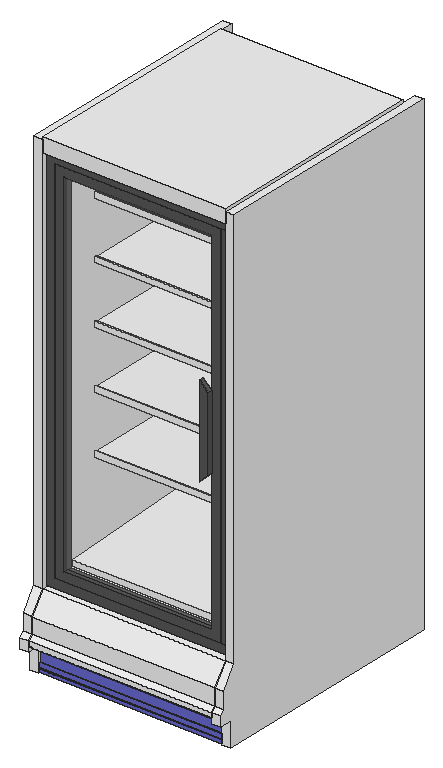
Revit family
Parameters
  Width = 31 1/2"
  Voltage - Electric Defrost [instance] = 208 V
  Voltage [instance] = 120 V
  URL = "www.hussmann.com"
  Type Comments = "LT Reach-In Merchandiser"
  Temp Sensor [instance] = "Low Voltage"
  Telephone = no
  System Control [instance] = "1.00 A"
  Standard Right End Cap On/Off [instance] = yes
  Standard Left End Cap On/Off [instance] = yes
  Revit Family Dates = "5/18/12PMA (0212)"
  Refrigerant Suction Connection Diameter [instance] = 7/8"
  Refrigerant Liquid Connection Diameter [instance] = 3/8"
  Refrig. Suction [instance] = "Suction"
  Refrig. Liquid [instance] = "Liquid"
  R.I. RH Doors YES/NO [instance] = no
  R.I. LH Doors YES/NO [instance] = yes
  R.I. - RH Door Swing YES/NO [instance] = no
  R.I. - LH Door Swing YES/NO [instance] = yes
  Phase [instance] = 1
  Number of Shelves = 0
  Model = "RL-1"
  Mirrored Right End Cap On/Off [instance] = no
  Mirrored Left End Cap On/Off [instance] = no
  Manufacturer = "Hussmann Corporation"
  MCA (Min Circ Amp) [instance] = 3 A
  Linear Shelf Length = 0"
  Height = 82 3/8"
  Front Height = 0"
  Frequency [instance] = 60 Hz
  Finish_Trim [instance] = Stainless Steel 2
  Finish_Top [instance] = none
  Finish_Shelf [instance] = Stainless Steel
  Finish_Mirror [instance] = none
  Finish_Handle = Metal Black-door
  Finish_Glass [instance] = Glass 2
  Finish_Frame [instance] = Metal Black-door
  Finish_Door [instance] = Metal Black-door
  Finish_Case [instance] = Stainless Steel
  Finish_Bumper [instance] = Metal Blue-trim
  Finish_Bracket [instance] = none
  Finish_Base [instance] = Stainless Steel
  Elect. Defrost Amps [instance] = "2.88 A"
  Elect. Def. Amps [instance] = 2.88 A
  EMS = no
  Drain Pipe Size = "1 1/4\""
  Drain Heaters [instance] = 1.67 A
  Description = "LT Reach-in Innov., Innov. II, Innov. III Merchandiser"
  Depth = 43 3/4"
  Data = "N/A"
  Copper-Suction [instance] = Copper
  Copper-Liquid [instance] = Copper
  Category = "N/A"
  Case Lights Amps [instance] = "0.18 A"
  Case Lights [instance] = 0.18 A
  Case Fans (MCA) [instance] = "3.00 A"
  Assembly Code = ""
  Accessories/Options = "N/A"
Reference planes (in)
  plane 1 "Center (Front/Back)": y = 0
  plane 2: z = 0
  plane 3 "Center (Left/Right)": x = -2.11949
  plane 4: y = -41.625
  plane 5: z = 13
  plane 6: z = 80
  plane 7: z = 82.375
  plane 8: y = -32
  plane 9: y = -43.75
  plane 10: y = -40.75
  plane 11: x = -31.61949
  plane 12: x = 13.63051
  plane 13: x = -14.86949
  plane 14: x = 10.63051
  plane 15: y = -40
  plane 16: y = -39.25
  plane 17 "Dla": x = -2.86949
  plane 18: x = -1.36949
  plane 19: x = -17.86949
  plane 20: x = 13.63051
  plane 21: x = 12.13051
  plane 22: x = -16.36949
  plane 23: x = -5.86949
  plane 24: y = -33.625
Forms (in)
  Extrusion 1, solid, material "Stainless Steel" <- "Finish_Case"
    sketch origin (-31.61949, 0, 0) x (0, 1, 0) y (0, 0, 1)
      loop
        line (-5, 4.26162) -> (-2.5, 6.76162) -> (-2.5, 82.375) -> (-40.75, 82.375) -> (-40.75, 80) -> (-5.5, 80) -> (-5.5, 7.93702) -> (-32.09633, 7.00826) -> (-33.05546, 6.04913) -> (-36.55546, 6.04913) -> (-38.5, 7.99367) -> (-40.75, 7.99367) -> (-40.75, 5.99367) -> (-37.75, 4.26162) -> (-5, 4.26162)
    from 13.75 to 45.25
  Extrusion 2, solid, material "Stainless Steel" <- "Finish_Case"
    sketch origin (-31.61949, 0, 0) x (0, 1, 0) y (0, 0, 1)
      loop
        line (-37.25, 13) -> (-40.75, 12.69379) -> (-43.04431, 9.41718) -> (-43.04431, 6.66718) -> (-43.75, 5.96149) -> (-43.75, 5.08872) -> (-42.58027, 4.2259) -> (-40.75, 5.99367) -> (-40.75, 7.99367) -> (-37.25, 7.99367) -> (-37.25, 13)
    from 13.75 to 45.25
  Extrusion 3, solid, material "Stainless Steel" <- "Finish_Case"
    sketch origin (-31.61949, 0, 0) x (0, 1, 0) y (0, 0, 1)
      loop
        line (-2.5, 4.26162) -> (0, 4.26162) -> (0, 49.76162) -> (-2.5, 49.76162) -> (-2.5, 4.26162)
    from 13.75 to 45.25
  Extrusion 4, solid, material "Stainless Steel" <- "Finish_Case"
    sketch origin (-31.61949, 0, 0) x (0, 1, 0) y (0, 0, 1)
      loop
        line (-5.5, 80) -> (-33, 80) -> (-33, 78.93638) -> (-7.75, 78.49564) -> (-7.75, 7.85845) -> (-5.5, 7.93702) -> (-5.5, 80)
    from 13.75 to 45.25
  Extrusion 5, solid
    sketch origin (-31.61949, 0, 0) x (0, 1, 0) y (0, 0, 1)
      loop
        line (-33, 78.93638) -> (-33, 77.93638) -> (-30, 77.93638) -> (-30, 78.88401) -> (-33, 78.93638)
    from 13.75 to 45.25
  Extrusion 6, solid, material "Stainless Steel" <- "Finish_Base"
    sketch origin (-31.61949, 0, 0) x (0, 1, 0) y (0, 0, 1)
      loop
        line (-36.55546, 6.04913) -> (-33.05546, 6.04913) -> (-32.09633, 7.00826) -> (-7.75, 7.85845) -> (-7.75, 13.65118) -> (-30.30697, 13.65118) -> (-30.30697, 10.65118)
        arc (-30.30697, 10.65118) -> (-30.59986, 9.94407) -> (-31.30697, 9.65118) r 1
        line (-31.30697, 9.65118) -> (-32.55697, 9.65118)
        arc (-32.55697, 9.65118) -> (-33.26408, 9.94407) -> (-33.55697, 10.65118) r 1
        line (-33.55697, 10.65118) -> (-33.55697, 13.52897) -> (-37.25, 13) -> (-37.25, 7.99367) -> (-38.5, 7.99367) -> (-36.55546, 6.04913)
    from 13.75 to 45.25
  Extrusion 7, solid, material "Stainless Steel" <- "Finish_Shelf"
    sketch origin (-31.61949, 0, 0) x (0, 1, 0) y (0, 0, 1)
      loop
        line (-7.75, 64.26162) -> (-7.75, 68.01162) -> (-8.5, 68.01162) -> (-8.5, 69.01162) -> (-29.5, 69.01162) -> (-29.5, 69.26162) -> (-29.75, 69.26162) -> (-29.75, 68.26162) -> (-29.5, 68.26162) -> (-29.5, 68.76162) -> (-26, 68.76162) -> (-26, 68.51162) -> (-13.81963, 68.51162) -> (-7.75, 64.26162)
      loop
        line (-7.75, 54.26162) -> (-7.75, 58.01162) -> (-8.5, 58.01162) -> (-8.5, 59.01162) -> (-29.5, 59.01162) -> (-29.5, 59.26162) -> (-29.75, 59.26162) -> (-29.75, 58.26162) -> (-29.5, 58.26162) -> (-29.5, 58.76162) -> (-26, 58.76162) -> (-26, 58.51162) -> (-13.81963, 58.51162) -> (-7.75, 54.26162)
      loop
        line (-7.75, 44.26162) -> (-7.75, 48.01162) -> (-8.5, 48.01162) -> (-8.5, 49.01162) -> (-29.5, 49.01162) -> (-29.5, 49.26162) -> (-29.75, 49.26162) -> (-29.75, 48.26162) -> (-29.5, 48.26162) -> (-29.5, 48.76162) -> (-26, 48.76162) -> (-26, 48.51162) -> (-13.81963, 48.51162) -> (-7.75, 44.26162)
      loop
        line (-7.75, 34.26162) -> (-7.75, 38.01162) -> (-8.5, 38.01162) -> (-8.5, 39.01162) -> (-29.5, 39.01162) -> (-29.5, 39.26162) -> (-29.75, 39.26162) -> (-29.75, 38.26162) -> (-29.5, 38.26162) -> (-29.5, 38.76162) -> (-26, 38.76162) -> (-26, 38.51162) -> (-13.81963, 38.51162) -> (-7.75, 34.26162)
      loop
        line (-7.75, 24.26162) -> (-7.75, 28.01162) -> (-8.5, 28.01162) -> (-8.5, 29.01162) -> (-29.5, 29.01162) -> (-29.5, 29.26162) -> (-29.75, 29.26162) -> (-29.75, 28.26162) -> (-29.5, 28.26162) -> (-29.5, 28.76162) -> (-26, 28.76162) -> (-26, 28.51162) -> (-13.81963, 28.51162) -> (-7.75, 24.26162)
      loop
        line (-34.54319, 13.47728) -> (-7.75, 14.88146) -> (-7.75, 15.88283) -> (-34.54319, 14.47866) -> (-34.54319, 13.47728)
    from 13.75 to 45.25
  Extrusion 8, solid, material "Stainless Steel"
    sketch origin (-16.36949, 0, 0) x (0, 1, 0) y (0, 0, 1)
      loop
        line (0, 4.26162) -> (-38.66016, 4.26162) -> (-38.66016, 0) -> (0, 0) -> (0, 4.26162)
    from 0 to -1.5
  Extrusion 9, solid, material "Metal Blue-trim"
    sketch origin (-34.61949, 0, 0) x (0, 1, 0) y (0, 0, 1)
      loop
        line (-38.66016, 4.7871) -> (-39.66016, 5.36445) -> (-39.66016, 4.26162) -> (-41.375, 4.55297) -> (-41.375, 1.75) -> (-41.625, 1.75) -> (-41.625, 1) -> (-41.375, 1) -> (-41.375, 0.75) -> (-41.625, 0.75) -> (-41.625, 0.19004) -> (-39.66016, 0.52548) -> (-39.66016, 0) -> (-38.66016, 0) -> (-38.66016, 4.7871)
    from 16.75 to 48.25
  Extrusion 10, solid, material "Stainless Steel"
    sketch origin (-34.61949, 0, 0) x (0, 1, 0) y (0, 0, 1)
      loop
        line (-32, 1.76162) -> (0, 1.76162) -> (0, 4.26162) -> (-32, 4.26162) -> (-32, 1.76162)
    from 18.25 to 46.75
  Extrusion 11, solid, material "Stainless Steel"
    sketch origin (-30.11949, 0, 0) x (0, 1, 0) y (0, 0, 1)
      loop
        line (-0.5532, 1.76162) -> (-2.8032, 1.76162) -> (-2.8032, 0) -> (-0.5532, 0) -> (-0.5532, 1.76162)
      loop
        line (-31.4468, 1.76162) -> (-31.4468, 0) -> (-29.1968, 0) -> (-29.1968, 1.76162) -> (-31.4468, 1.76162)
    from 13.75 to 43.75
  Extrusion 12, solid, material "Stainless Steel"
    sketch origin (12.13051, 0, 0) x (0, 1, 0) y (0, 0, 1)
      loop
        line (0, 4.26162) -> (-38.66016, 4.26162) -> (-38.66016, 0) -> (0, 0) -> (0, 4.26162)
    from 0 to 1.5
  Extrusion 13, solid, material "Stainless Steel"
    sketch origin (-16.75, 0, -0.375) x (1, 0, 0) y (0, 1, 0)
      loop
        circle (25.38051, -37) r 0.375
      loop
        circle (25.38051, -37) r 0.36276
      loop
        circle (24.38051, -37) r 0.375
      loop
        circle (24.38051, -37) r 0.36276
      loop
        circle (23.38051, -37) r 0.375
      loop
        circle (23.38051, -37) r 0.36276
      loop
        circle (22.38051, -37) r 0.375
      loop
        circle (22.38051, -37) r 0.36276
      loop
        circle (21.38051, -37) r 0.375
      loop
        circle (21.38051, -37) r 0.36276
    from 4.63662 to 2.98382
  Extrusion 14, solid, material "Stainless Steel"
    sketch origin (0, 0, -0.375) x (1, 0, 0) y (0, 1, 0)
      loop
        circle (-2.86949, -34.625) r 0.625
      loop
        circle (-2.86949, -34.625) r 0.58831
    from 6.42413 to 2.98382
  Extrusion 15, solid, material "Copper" <- "Copper-Suction"
    sketch origin (0, 0, 0) x (1, 0, 0) y (0, 1, 0)
      loop
        circle (8.62802, -33) r 0.4375
      loop
        circle (8.62802, -33) r 0.41359
    from 4.26162 to 3.64579
  Extrusion 16, solid, material "Copper" <- "Copper-Liquid"
    sketch origin (0, 0, 0) x (1, 0, 0) y (0, 1, 0)
      loop
        circle (7.05443, -33) r 0.1875
      loop
        circle (7.05443, -33) r 0.17284
    from 4.26162 to 3.64579
Lines and regions (in)
  symbolic lines
    curve 1: line (-17.86949, -43.75, 0) -> (-17.86949, 0, 0)
    curve 2: line (13.63051, 0, 0) -> (-17.86949, 0, 0)
    curve 3: line (13.63051, 0, 0) -> (13.63051, -43.75, 0)
    curve 4: line (-17.86949, -43.75, 0) -> (13.63051, -43.75, 0)
Dimensions and locks (in)
  plane 1 "Center (Front/Back)" to plane 4 = 41 5/8"
  "Depth": plane 1 "Center (Front/Back)" to plane 9
  level to plane 5 to plane 6 to plane 7 = 13", 67", 2 3/8"
  plane 4 to plane 1 "Center (Front/Back)" = 41 5/8"
  plane 19 to plane 13 = 3"
  locked: plane 14 to plane 12 at 3
  "Height": level to plane 7
  plane 19 to plane 12 = 31 1/2"
  aligned and locked: plane 12 to Extrusion 1
  aligned and locked: Extrusion 2 to Extrusion 1
Automatic sketch dimensions
  Extrusion 1 sketch curve to plane 10 = 0"  (x2)
  Extrusion 1 sketch curve to plane 6 = 0"
  Extrusion 1 sketch curve to plane 7 = 0"
  Extrusion 1 sketch curve to plane 16 = 3/4"
  Extrusion 1 sketch curve to plane 16 = 1 1/2"
  Extrusion 1 sketch curve to Extrusion 1 sketch curve = 1.19454"
  plane 8 to Extrusion 1 sketch curve = 1.05546"
  plane 8 to Extrusion 1 sketch curve = 0.09633"
  plane 1 "Center (Front/Back)" to Extrusion 1 sketch curve = 5 1/2"
  Extrusion 1 sketch curve to Extrusion 1 sketch curve = 1/2"
  plane 1 "Center (Front/Back)" to Extrusion 1 sketch curve = 2 1/2"
  plane 5 to Extrusion 1 sketch curve = 5.00633"
  plane 5 to Extrusion 1 sketch curve = 5.06298"
  plane 5 to Extrusion 1 sketch curve = 5.99174"
  Extrusion 1 sketch curve to Extrusion 1 sketch curve = 1.1754"
  Extrusion 1 sketch curve to Extrusion 1 sketch curve = 1.94454"
  Extrusion 1 sketch curve to Extrusion 1 sketch curve = 2"
  Extrusion 1 sketch curve to Extrusion 1 sketch curve = 2 1/2"
  Extrusion 2 sketch curve to plane 9 = 0"
  Extrusion 2 sketch curve to plane 10 = 0"  (x2)
  Extrusion 2 sketch curve to plane 5 = 0"
  Extrusion 2 sketch curve to plane 9 = 0.70569"
  plane 4 to Extrusion 2 sketch curve = 0.95527"
  Extrusion 2 sketch curve to plane 16 = 2"
  plane 5 to Extrusion 2 sketch curve = 0.30621"
  plane 5 to Extrusion 2 sketch curve = 3.58282"
  Extrusion 2 sketch curve to Extrusion 2 sketch curve = 1.42351"
  Extrusion 2 sketch curve to Extrusion 2 sketch curve = 1.32649"
  Extrusion 2 sketch curve to Extrusion 2 sketch curve = 2"
  Extrusion 2 sketch curve to Extrusion 2 sketch curve = 0.70569"
  Extrusion 2 sketch curve to Extrusion 2 sketch curve = 0.87277"
  Extrusion 2 sketch curve to Extrusion 2 sketch curve = 0.86282"
  Extrusion 3 sketch curve to plane 1 "Center (Front/Back)" = 0"
  Extrusion 3 sketch curve to Extrusion 3 sketch curve = 2 1/2"
  level to Extrusion 3 sketch curve = 4.26162"
  plane 6 to Extrusion 3 sketch curve = 30.23838"
  Extrusion 4 sketch curve to plane 6 = 0"
  plane 8 to Extrusion 4 sketch curve = 1"
  plane 1 "Center (Front/Back)" to Extrusion 4 sketch curve = 7 3/4"
  Extrusion 4 sketch curve to Extrusion 4 sketch curve = 2 1/4"
  Extrusion 4 sketch curve to Extrusion 4 sketch curve = 1.06362"
  plane 6 to Extrusion 4 sketch curve = 1.50436"
  plane 5 to Extrusion 4 sketch curve = 5.06298"
  Extrusion 4 sketch curve to Extrusion 4 sketch curve = 0.07857"
  plane 8 to Extrusion 5 sketch curve = 1"
  Extrusion 5 sketch curve to plane 8 = 2"
  plane 6 to Extrusion 5 sketch curve = 2.06362"
  Extrusion 5 sketch curve to Extrusion 5 sketch curve = 0.94763"
  Extrusion 5 sketch curve to Extrusion 5 sketch curve = 1"
  Extrusion 6 sketch curve to plane 5 = 0"
  Extrusion 6 sketch curve to plane 16 = 3/4"
  Extrusion 6 sketch curve to plane 16 = 2"
  Extrusion 6 sketch curve to Extrusion 6 sketch curve = 0.69454"
  plane 8 to Extrusion 6 sketch curve = 1.55697"
  plane 8 to Extrusion 6 sketch curve = 1.05546"
  plane 8 to Extrusion 6 sketch curve = 0.55697"
  plane 8 to Extrusion 6 sketch curve = 0.09633"
  Extrusion 6 sketch curve to plane 8 = 0.69303"
  Extrusion 6 sketch curve to Extrusion 6 sketch curve = 1"
  Extrusion 6 sketch curve to plane 5 = 0.65118"
  plane 1 "Center (Front/Back)" to Extrusion 6 sketch curve = 7 3/4"
  plane 5 to Extrusion 6 sketch curve = 2.34882"
  plane 5 to Extrusion 6 sketch curve = 5.00633"
  plane 5 to Extrusion 6 sketch curve = 5.14155"
  Extrusion 6 sketch curve to Extrusion 6 sketch curve = 2.64293"
  Extrusion 6 sketch curve to Extrusion 6 sketch curve = 1.94454"
  Extrusion 6 sketch curve to plane 5 = 0.52897"
  Extrusion 7 sketch curve to plane 5 = 0.47728"
  plane 8 to Extrusion 7 sketch curve = 2.54319"
  Extrusion 7 sketch curve to plane 8 = 2 1/4"  (x5)
  Extrusion 7 sketch curve to Extrusion 7 sketch curve = 1/4"  (x17)
  Extrusion 7 sketch curve to Extrusion 7 sketch curve = 0"  (x6)
  Extrusion 7 sketch curve to Extrusion 7 sketch curve = 3 1/2"  (x5)
  Extrusion 7 sketch curve to Extrusion 7 sketch curve = 12.18037"
  Extrusion 7 sketch curve to Extrusion 7 sketch curve = 5.31963"  (x5)
  Extrusion 7 sketch curve to Extrusion 7 sketch curve = 3/4"  (x5)
  Extrusion 7 sketch curve to plane 5 = 1.88146"
  plane 1 "Center (Front/Back)" to Extrusion 7 sketch curve = 7 3/4"
  Extrusion 7 sketch curve to Extrusion 7 sketch curve = 1.00137"  (x2)
  Extrusion 7 sketch curve to Extrusion 7 sketch curve = 8.37879"
  Extrusion 7 sketch curve to Extrusion 7 sketch curve = 3 3/4"  (x5)
  Extrusion 7 sketch curve to Extrusion 7 sketch curve = 13.78296"
  Extrusion 7 sketch curve to Extrusion 7 sketch curve = 1/2"  (x8)
  Extrusion 7 sketch curve to Extrusion 7 sketch curve = 5 1/4"  (x4)
  Extrusion 7 sketch curve to Extrusion 7 sketch curve = 9"  (x4)
  Extrusion 7 sketch curve to Extrusion 7 sketch curve = 1"  (x3)
  plane 11 to curve 1 = 13 3/4"
  curve 3 to plane 12 = 0"
  curve 2 to plane 1 "Center (Front/Back)" = 0"
  Extrusion 9 sketch curve to plane 4 = 0"  (x2)
  Extrusion 9 sketch curve to level = 0"
  Extrusion 9 sketch curve to plane 4 = 1/4"  (x2)
  plane 15 to Extrusion 9 sketch curve = 87/256"  (x2)
  Extrusion 9 sketch curve to plane 16 = 151/256"
  level to Extrusion 9 sketch curve = 0.19004"
  Extrusion 9 sketch curve to Extrusion 9 sketch curve = 0.52548"  (x2)
  Extrusion 9 sketch curve to Extrusion 9 sketch curve = 0.55996"
  Extrusion 9 sketch curve to Extrusion 9 sketch curve = 1/4"
  Extrusion 9 sketch curve to Extrusion 9 sketch curve = 3/4"
  Extrusion 9 sketch curve to Extrusion 9 sketch curve = 2.51162"
  Extrusion 9 sketch curve to Extrusion 9 sketch curve = 0.29135"
  Extrusion 9 sketch curve to Extrusion 9 sketch curve = 1.10283"
  Extrusion 10 sketch curve to plane 8 = 0"
  Extrusion 10 sketch curve to plane 1 "Center (Front/Back)" = 0"
  level to Extrusion 10 sketch curve = 1.76162"
  Extrusion 10 sketch curve to Extrusion 10 sketch curve = 2 1/2"
  Extrusion 11 sketch curve to level = 0"  (x2)
  Extrusion 11 sketch curve to plane 8 = 0.5532"
  Extrusion 11 sketch curve to Extrusion 11 sketch curve = 2 1/4"
  plane 1 "Center (Front/Back)" to Extrusion 11 sketch curve = 2.8032"
  plane 1 "Center (Front/Back)" to Extrusion 11 sketch curve = 0.5532"
  Extrusion 11 sketch curve to Extrusion 11 sketch curve = 1.76162"  (x2)
  Extrusion 8 sketch curve to level = 0"
  Extrusion 8 sketch curve to plane 1 "Center (Front/Back)" = 0"
  Extrusion 8 sketch curve to plane 16 = 151/256"
  level to Extrusion 8 sketch curve = 4.26162"
  Extrusion 12 sketch curve to level = 0"
  Extrusion 12 sketch curve to plane 1 "Center (Front/Back)" = 0"
  Extrusion 12 sketch curve to plane 16 = 151/256"
  level to Extrusion 12 sketch curve = 4.26162"
  curve 4 to plane 9 = 0"
  Extrusion 13 sketch curve to Extrusion 13 sketch curve = 0"  (x19)
  Extrusion 13 sketch curve to plane 16 = 2 1/4"
  Extrusion 13 sketch curve to Extrusion 13 sketch curve = 1"  (x4)
  Extrusion 14 sketch curve to Extrusion 14 sketch curve = 0"  (x2)
  Extrusion 14 sketch curve to plane 17 "Dla" = 0"
  plane 8 to Extrusion 14 sketch curve = 2 5/8"
  Extrusion 13 sketch curve to plane 14 = 6"
  Extrusion 15 sketch curve to Extrusion 15 sketch curve = 0"  (x2)
  plane 8 to Extrusion 15 sketch curve = 1"
  Extrusion 15 sketch curve to plane 14 = 2.00249"
  Extrusion 16 sketch curve to Extrusion 16 sketch curve = 0"  (x2)
  plane 8 to Extrusion 16 sketch curve = 1"
  Extrusion 16 sketch curve to plane 14 = 3.57608"
  radius of Extrusion 13 sketch curve = 3/8"  (x5)
  radius of Extrusion 13 sketch curve = 0.36276"  (x5)
  radius of Extrusion 14 sketch curve = 5/8"
  radius of Extrusion 14 sketch curve = 0.58831"
  radius of Extrusion 15 sketch curve = 7/16"
  radius of Extrusion 15 sketch curve = 0.41359"
  radius of Extrusion 16 sketch curve = 3/16"
  radius of Extrusion 16 sketch curve = 0.17284"
Nested families (in)
  nested 1: "RL-INNOVATORII_END PANEL" at (-15.75, 0, 0), visible <- "Standard Left End Cap On/Off", type "RL-End Panel Mirrored"
    with Serial Number "N/A", Remarks "N/A", Received By "N/A", Furnished By "N/A", Finish_Trim Stainless Steel 2, Finish_Top none, Finish_Shelf Stainless Steel, Finish_Glass Glass 2, Finish_Door Metal Black-Door, Finish_Case Stainless Steel, Finish_Bumper Metal Blue-trim, Finish_Base Stainless Steel, Final Hookup By "N/A", Assembled By "N/A"
  nested 2: "RL-INNOVATORII_END PANEL" at (17.25, 0, 0), visible <- "Standard Right End Cap On/Off", type "RL-End Panel Mirrored"
    with Serial Number "N/A", Remarks "N/A", Received By "N/A", Furnished By "N/A", Finish_Trim Stainless Steel 2, Finish_Top none, Finish_Shelf Stainless Steel, Finish_Glass Glass 2, Finish_Door Metal Black-Door, Finish_Case Stainless Steel, Finish_Bumper Metal Blue-trim, Finish_Base Stainless Steel, Final Hookup By "N/A", Assembled By "N/A"
  nested 3: "RL-INNOVATORII_END CAP MIRRORED" at (-15.75, 0, 0), visible <- "Mirrored Left End Cap On/Off", type "RL-End Panel Mirrored"
    with Serial Number "N/A", Remarks "N/A", Received By "N/A", Furnished By "N/A", Finish_Trim Stainless Steel 2, Finish_Top none, Finish_Shelf Stainless Steel, Finish_Glass Glass 2, Finish_Door Metal Black-Door, Finish_Case Stainless Steel, Finish_Bumper Metal Blue-trim, Finish_Base Stainless Steel, Final Hookup By "N/A", Assembled By "N/A"
  nested 4: "RL-INNOVATORII_END CAP MIRRORED" at (17.25, 0, 0), visible <- "Mirrored Right End Cap On/Off", type "RL-End Panel Mirrored"
    with Serial Number "N/A", Remarks "N/A", Received By "N/A", Furnished By "N/A", Finish_Trim Stainless Steel 2, Finish_Top none, Finish_Shelf Stainless Steel, Finish_Glass Glass 2, Finish_Door Metal Black-Door, Finish_Case Stainless Steel, Finish_Bumper Metal Blue-trim, Finish_Base Stainless Steel, Final Hookup By "N/A", Assembled By "N/A"
  nested 5: "Case Model TXT" at (-1.68135, -11.17025, -0.375), type "Case Model TXT"
  nested 6: "Case Nodes" at (8.63051, -36.9975, 0), type "Case Nodes"
  nested 7: "Case Nodes" at (8.63014, -33, 0), type "Case Nodes"
  nested 8: "Case Nodes" at (-5.86949, -41.625, 0), type "Case Nodes"
  nested 9: "Case Nodes" at (-5.86949, -33.625, 0), type "Case Nodes"
  nested 10: "RL_1DR-LH" at (0, 0, 13), visible <- "R.I. LH Doors YES/NO", type "RL_1DR-LH"
    with Finish_Glass Glass 2, Finish_Frame Metal Black-door, Finish_Door Metal Black-door
  nested 11: "RL_1DR-RH" at (0, 0, 0), visible <- "R.I. RH Doors YES/NO", type "RL_1DR-RH"
    with Finish_Glass Glass 2, Finish_Frame Metal Black-door, Finish_Door Metal Black-door
  nested 12: "RL_1DR-LHDS" at (0, -3.75, 0), visible <- "R.I. - LH Door Swing YES/NO", type "RL_1DR-LHDS"
  nested 13: "RL_1DR-RHDS" at (0, -3.75, 0), visible <- "R.I. - RH Door Swing YES/NO", type "RL_1DR-RHDS"
Connectors (in)
  electrical at (8.63051, -37, 2.60882), driven by "Phase", driven by "Voltage - Electric Defrost", driven by "Elect. Defrost Amps"
    settings: on Extrusion 13, index 11, voltage 208 V, apparent load 0 VA, apparent load phase1 0 VA, apparent load phase2 0 VA, apparent load phase3 0 VA, power factor 1, load classification "Power", number of poles 1, system type 30, power factor state 1, is connector primary yes, connector utility no, sub classification motor no, connector description "2.88 A"
  electrical at (7.63051, -37, 2.60882), driven by "Phase", driven by "Voltage", driven by "Case Fans (MCA)"
    settings: on Extrusion 13, index 12, voltage 120 V, apparent load 0 VA, apparent load phase1 0 VA, apparent load phase2 0 VA, apparent load phase3 0 VA, power factor 1, load classification "Power", number of poles 1, system type 30, power factor state 1, is connector primary no, connector utility no, sub classification motor no, connector description "3.00 A"
  electrical at (6.63051, -37, 2.60882), driven by "Phase", driven by "Voltage", driven by "Case Lights Amps"
    settings: on Extrusion 13, index 13, voltage 120 V, apparent load 0 VA, apparent load phase1 0 VA, apparent load phase2 0 VA, apparent load phase3 0 VA, power factor 1, load classification "Lighting", number of poles 1, system type 30, power factor state 1, is connector primary no, connector utility no, sub classification motor no, connector description "0.18 A"
  electrical at (5.63051, -37, 2.60882), driven by "System Control"
    settings: on Extrusion 13, index 14, voltage 0 V, apparent load 0 VA, apparent load phase1 0 VA, apparent load phase2 0 VA, apparent load phase3 0 VA, power factor 1, load classification "Other", number of poles 1, system type 13, power factor state 1, is connector primary no, connector utility no, sub classification motor no, connector description "1.00 A"
  electrical at (4.63051, -37, 2.60882), driven by "Temp Sensor"
    settings: on Extrusion 13, index 15, voltage 0 V, apparent load 0 VA, apparent load phase1 0 VA, apparent load phase2 0 VA, apparent load phase3 0 VA, power factor 1, load classification "Other", number of poles 1, system type 5, power factor state 1, is connector primary no, connector utility no, sub classification motor no, connector description "Low Voltage"
  piping at (-2.86949, -34.625, 2.60882), driven by "Drain Pipe Size"
    settings: on Extrusion 14, index 16, connector radius 5/8", flow factor 0, pipe flow 0 GPM, pressure drop 0.00 psi, fitting loss kfactor 0, connector angle 0.00°, fixture units 0, flow configuration 0, flow direction 0, fitting loss method 0, system type 16, connector reference index -1, connector utility 0, adjustable connector no, is connector primary yes, fitting loss table "", connector description "1 1/4\""
  piping at (8.62802, -33, 3.64579), driven by "Refrig. Suction"
    settings: on Extrusion 15, index 17, connector radius 7/16", flow factor 0, pipe flow 0 GPM, pressure drop 0.00 psi, fitting loss kfactor 0, connector angle 0.00°, fixture units 0, flow configuration 0, flow direction 2, fitting loss method 0, system type 22, connector reference index -1, connector utility 0, adjustable connector no, is connector primary no, fitting loss table "", connector description "Suction"
  piping at (7.05443, -33, 3.64579), driven by "Refrig. Liquid"
    settings: on Extrusion 16, index 18, connector radius 3/16", flow factor 0, pipe flow 0 GPM, pressure drop 0.00 psi, fitting loss kfactor 0, connector angle 0.00°, fixture units 0, flow configuration 0, flow direction 1, fitting loss method 0, system type 22, connector reference index -1, connector utility 0, adjustable connector no, is connector primary no, fitting loss table "", connector description "Liquid"
Definition of nested family "RL-INNOVATORII_END PANEL"
  Parameters (values of type "RL-End Panel Mirrored")
    Width = 1 1/2"
    Watts = ""
    Volts = ""
    URL = "www.hussmann.com"
    Type Comments = "N/A"
    Telephone = no
    Serial Number [instance] = "N/A"
    Remarks [instance] = "N/A"
    Refrigerant Type = "N/A"
    Received By [instance] = "N/A"
    Prototype = no
    Power = "N/A"
    PO Template = no
    Number of Shelves = 0
    Model = "RL- Mirrored End Panel"
    Manufacturer = "Hussmann"
    Linear Shelf Length = 0"
    Item = "N/A"
    Install Date - Actual = "N/A"
    Install Data - Projected = "N/A"
    Hot Water = no
    Height = 82"
    HP = ""
    Gas Type = "N/A"
    Gas Pipe Size = "N/A"
    Furnished By [instance] = "N/A"
    Front Height = 0"
    Finish_Trim [instance] = Stainless Steel 2
    Finish_Top [instance] = none
    Finish_Shelf [instance] = Stainless Steel
    Finish_Handle = Metal Black-Door
    Finish_Glass [instance] = Glass 2
    Finish_Frame = Metal Black-Door
    Finish_Door [instance] = Metal Black-Door
    Finish_Case [instance] = Stainless Steel
    Finish_Bumper [instance] = Metal Blue-trim
    Finish_Base [instance] = Stainless Steel
    Final Hookup By [instance] = "N/A"
    Evap Temp = ""
    EMS = no
    Drain Pipe Size = "N/A"
    Divisional Use = "N/A"
    Description 2 = "Impact Merchandiser"
    Description = "Low Temperature Reach-in(Food or Ice Cream)"
    Depth = 43 3/4"
    Data = "N/A"
    Cold Water = no
    Class Code = "N/A"
    Category = "N/A"
    BTU Rating = "N/A"
    Assembly Code = "E1090320"
    Assembled By [instance] = "N/A"
    Amps = ""
    Accessories/Options = "N/A"
  Reference planes (in)
    plane 1 "Center (Front/Back)": y = 0
    plane 2: z = 0
    plane 3: y = -43.75
  Forms (in)
    Extrusion 1, solid, material "Stainless Steel" <- "Finish_Case"
      sketch origin (-3.61949, 0, 0) x (0, 1, 0) y (0, 0, 1)
        loop
          line (0, 82) -> (-40.75, 82) -> (-40.75, 12.69379) -> (-43.04431, 9.41718) -> (-43.04431, 6.66718) -> (-43.75, 5.96149) -> (-43.75, 4.2259) -> (-41.5625, 4.2259) -> (-41.5625, 0) -> (0, 0) -> (0, 82)
      from 0 to 1.5
  Lines and regions (in)
    symbolic lines
      curve 1: line (-3.61949, 0, 0) -> (-2.11949, 0, 0)
      curve 2: line (-3.61949, -43.75, 0) -> (-3.61949, 0, 0)
      curve 3: line (-2.11949, -43.75, 0) -> (-3.61949, -43.75, 0)
      curve 4: line (-2.11949, 0, 0) -> (-2.11949, -43.75, 0)
  Dimensions and locks (in)
    plane 3 to plane 1 "Center (Front/Back)" = 43 3/4"
    Extrusion 1 to Extrusion 1 = 1 1/2"
    locked: Extrusion 1 to Extrusion 1 at 1.5  (x2)
    locked: Extrusion 1 to level at 82
    locked: plane 1 "Center (Front/Back)" to plane 3 at 43.75
    aligned: curve 1 to Extrusion 1  (x2)
    aligned: curve 4 to Extrusion 1  (x2)
Definition of nested family "RL-INNOVATORII_END CAP MIRRORED"
  Parameters (values of type "RL-End Panel Mirrored")
    Width = 1 1/2"
    Watts = ""
    Volts = ""
    URL = "www.hussmann.com"
    Type Comments = "N/A"
    Telephone = no
    Serial Number [instance] = "N/A"
    Remarks [instance] = "N/A"
    Refrigerant Type = "N/A"
    Received By [instance] = "N/A"
    Prototype = no
    Power = "N/A"
    PO Template = no
    Number of Shelves = 0
    Model = "RL- Mirrored End Panel"
    Manufacturer = "Hussmann"
    Linear Shelf Length = 0"
    Item = "N/A"
    Install Date - Actual = "N/A"
    Install Data - Projected = "N/A"
    Hot Water = no
    Height = 82"
    HP = ""
    Gas Type = "N/A"
    Gas Pipe Size = "N/A"
    Furnished By [instance] = "N/A"
    Front Height = 0"
    Finish_Trim [instance] = Stainless Steel 2
    Finish_Top [instance] = none
    Finish_Shelf [instance] = Stainless Steel
    Finish_Handle = Metal Black-Door
    Finish_Glass [instance] = Glass 2
    Finish_Frame = Metal Black-Door
    Finish_Door [instance] = Metal Black-Door
    Finish_Case [instance] = Stainless Steel
    Finish_Bumper [instance] = Metal Blue-trim
    Finish_Base [instance] = Stainless Steel
    Final Hookup By [instance] = "N/A"
    Evap Temp = ""
    EMS = no
    Drain Pipe Size = "N/A"
    Divisional Use = "N/A"
    Description 2 = "Impact Merchandiser"
    Description = "Low Temperature Reach-in(Food or Ice Cream)"
    Depth = 43 3/4"
    Data = "N/A"
    Cold Water = no
    Class Code = "N/A"
    Category = "N/A"
    BTU Rating = "N/A"
    Assembly Code = "E1090320"
    Assembled By [instance] = "N/A"
    Amps = ""
    Accessories/Options = "N/A"
  Reference planes (in)
    plane 1 "Center (Front/Back)": y = 0
    plane 2: z = 0
    plane 3: y = -43.75
  Forms (in)
    Extrusion 1, solid, material "Stainless Steel" <- "Finish_Case"
      sketch origin (-3.61949, 0, 0) x (0, 1, 0) y (0, 0, 1)
        loop
          line (0, 82) -> (-40.75, 82) -> (-40.75, 12.69379) -> (-43.04431, 9.41718) -> (-43.04431, 6.66718) -> (-43.75, 5.96149) -> (-43.75, 4.2259) -> (-41.5625, 4.2259) -> (-41.5625, 0) -> (0, 0) -> (0, 82)
      from 0 to 1.5
  Lines and regions (in)
    symbolic lines
      curve 1: line (-3.61949, 0, 0) -> (-2.11949, 0, 0)
      curve 2: line (-3.61949, -43.75, 0) -> (-3.61949, 0, 0)
      curve 3: line (-2.11949, -43.75, 0) -> (-3.61949, -43.75, 0)
      curve 4: line (-2.11949, 0, 0) -> (-2.11949, -43.75, 0)
  Dimensions and locks (in)
    plane 3 to plane 1 "Center (Front/Back)" = 43 3/4"
    Extrusion 1 to Extrusion 1 = 1 1/2"
    locked: Extrusion 1 to Extrusion 1 at 1.5  (x2)
    locked: Extrusion 1 to level at 82
    locked: plane 1 "Center (Front/Back)" to plane 3 at 43.75
    aligned: curve 1 to Extrusion 1  (x2)
    aligned: curve 4 to Extrusion 1  (x2)
Definition of nested family "RL_1DR-LH"
  Parameters (values of type "RL_1DR-LH")
    URL = "www.hussmann.com"
    Type Comments = ""
    Revit Family Dates = "5/16/12PMA (0212)"
    Model = ""
    Manufacturer = "Hussmann Corporation"
    Finish_Handle = Metal Black-door
    Finish_Glass [instance] = Glass 2
    Finish_Frame [instance] = Metal Black-door
    Finish_Door [instance] = Metal Black-door
    Description = "LH Reach-In Door for RL-1 Merchandiser"
    Assembly Code = ""
  Reference planes (in)
    plane 1 "Center (Front/Back)": y = 0
    plane 2: z = 0
    plane 3 "Center (Left/Right)": x = -2.11949
    plane 4: y = -41.625
    plane 5: z = 13
    plane 6: z = 80
    plane 7: z = 82.375
    plane 8: y = -32
    plane 9: y = -43.75
    plane 10: y = -40.75
    plane 11: x = -31.61949
    plane 12: x = 13.63051
    plane 13: x = -14.86949
    plane 14: x = 10.63051
    plane 15: y = -40
    plane 16: y = -39.25
    plane 17 "Dla": x = -2.86949
    plane 18: x = -1.36949
    plane 19: x = -17.86949
    plane 20: x = 13.63051
    plane 21: x = 12.13051
    plane 22: x = -16.36949
    plane 23: x = -5.86949
    plane 24: y = -33.625
  Forms (in)
    Sweep 1, solid, material "Metal Black-door" <- "Finish_Frame"
      path origin (0, 0, -13) x (1, 0, 0) y (0, 0, 1)
        loop
          line (-17.86949, 80) -> (-17.86949, 13) -> (13.63051, 13) -> (13.63051, 80) -> (-17.86949, 80)
      profile origin (-2.11949, 0, 67) x (0, 0, 1) y (0, -1, 0)
        loop
          line (0, 40) -> (-1.5, 40) -> (-1.5, 38.5) -> (0, 38.5) -> (0, 40)
    Extrusion 2, solid, material "Metal Black-door" <- "Finish_Frame"
      sketch origin (-2.11949, 0, -13) x (0, 1, 0) y (0, 0, 1)
        loop
          line (-40, 78.5) -> (-40, 14.5) -> (-38.5, 14.5) -> (-38.5, 78.5) -> (-40, 78.5)
      from 15.75 to 14.25
    Extrusion 3, solid, material "Metal Black-door" <- "Finish_Door"
      sketch origin (0, -40, -13) x (0, 0, 1) y (1, 0, 0)
        loop
          line (78.5, -16.36949) -> (78.5, 12.13051) -> (14.5, 12.13051) -> (14.5, -16.36949) -> (78.5, -16.36949)
        loop
          line (77, -14.86949) -> (77, 10.63051) -> (16, 10.63051) -> (16, -14.86949) -> (77, -14.86949)
      from 0 to 1.5
    Extrusion 4, solid, material "Glass 2" <- "Finish_Glass"
      sketch origin (0, -39.25, -13) x (1, 0, 0) y (0, 0, 1)
        loop
          line (-14.86949, 77) -> (-14.86949, 16) -> (10.63051, 16) -> (10.63051, 77) -> (-14.86949, 77)
      from 0.13 to -0.13
    Extrusion 5, solid, material "Metal Black-door" <- "Finish_Handle"
      sketch origin (9.78125, -3.125, 18.9375) x (1, 0, 0) y (0, 0, 1)
        loop
          line (-0.65074, 22.4375) -> (-0.65074, 22.08395) -> (0.59926, 20.83395) -> (0.59926, 8.29105) -> (-0.65074, 7.04105) -> (-0.65074, 6.6875) -> (0.84926, 8.1875) -> (0.84926, 20.9375) -> (-0.65074, 22.4375)
      from 36.875 to 37.375
    Extrusion 6, solid, material "Metal Black-door" <- "Finish_Handle"
      sketch origin (9.78125, -40.5, 18.9375) x (1, 0, 0) y (0, 0, 1)
        loop
          line (0.84926, 20.9375) -> (-0.65074, 22.4375) -> (-0.65074, 6.6875) -> (0.84926, 8.1875) -> (0.84926, 20.9375)
      from 0.25 to 0
  Cuts and joins
    joined: Extrusion 5, Extrusion 6
Definition of nested family "RL_1DR-RH"
  Parameters (values of type "RL_1DR-RH")
    URL = "www.hussmann.com"
    Type Comments = ""
    Revit Family Dates = "5/16/12PMA (0212)"
    Model = ""
    Manufacturer = "Hussmann Corporation"
    Finish_Handle = Metal Black-door
    Finish_Glass [instance] = Glass 2
    Finish_Frame [instance] = Metal Black-door
    Finish_Door [instance] = Metal Black-door
    Description = "RH Reach-In Door for RL-1 Merchandiser"
    Assembly Code = ""
  Reference planes (in)
    plane 1 "Center (Front/Back)": y = 0
    plane 2: z = 0
    plane 3 "Center (Left/Right)": x = -2.11949
    plane 4: y = -41.625
    plane 5: z = 13
    plane 6: z = 80
    plane 7: z = 82.375
    plane 8: y = -32
    plane 9: y = -43.75
    plane 10: y = -40.75
    plane 11: x = -31.61949
    plane 12: x = 13.63051
    plane 13: x = -14.86949
    plane 14: x = 10.63051
    plane 15: y = -40
    plane 16: y = -39.25
    plane 17 "Dla": x = -2.86949
    plane 18: x = -1.36949
    plane 19: x = -17.86949
    plane 20: x = 13.63051
    plane 21: x = 12.13051
    plane 22: x = -16.36949
    plane 23: x = -5.86949
    plane 24: y = -33.625
  Forms (in)
    Sweep 1, solid, material "Metal Black-door" <- "Finish_Frame"
      path origin (0, 0, 0) x (1, 0, 0) y (0, 0, 1)
        loop
          line (-17.86949, 80) -> (-17.86949, 13) -> (13.63051, 13) -> (13.63051, 80) -> (-17.86949, 80)
      profile origin (-2.11949, 0, 80) x (0, 0, 1) y (0, -1, 0)
        loop
          line (0, 40) -> (-1.5, 40) -> (-1.5, 38.5) -> (0, 38.5) -> (0, 40)
    Extrusion 2, solid, material "Metal Black-door" <- "Finish_Frame"
      sketch origin (-2.11949, 0, 0) x (0, 1, 0) y (0, 0, 1)
        loop
          line (-40, 78.5) -> (-40, 14.5) -> (-38.5, 14.5) -> (-38.5, 78.5) -> (-40, 78.5)
      from 15.75 to 14.25
    Extrusion 3, solid, material "Metal Black-door" <- "Finish_Door"
      sketch origin (0, -40, 0) x (0, 0, 1) y (1, 0, 0)
        loop
          line (78.5, -16.36949) -> (78.5, 12.13051) -> (14.5, 12.13051) -> (14.5, -16.36949) -> (78.5, -16.36949)
        loop
          line (77, -14.86949) -> (77, 10.63051) -> (16, 10.63051) -> (16, -14.86949) -> (77, -14.86949)
      from 0 to 1.5
    Extrusion 4, solid, material "Glass 2" <- "Finish_Glass"
      sketch origin (0, -39.25, 0) x (1, 0, 0) y (0, 0, 1)
        loop
          line (-14.86949, 77) -> (-14.86949, 16) -> (10.63051, 16) -> (10.63051, 77) -> (-14.86949, 77)
      from 0.13 to -0.13
    Extrusion 5, solid, material "Metal Black-door" <- "Finish_Handle"
      sketch origin (-14.02022, -3.125, 31.9375) x (-1, 0, 0) y (0, 0, -1)
        loop
          line (-0.65074, -22.4375) -> (0.84926, -20.9375) -> (0.84926, -8.1875) -> (-0.65074, -6.6875) -> (-0.65074, -7.04105) -> (0.59926, -8.29105) -> (0.59926, -20.83395) -> (-0.65074, -22.08395) -> (-0.65074, -22.4375)
      from 36.875 to 37.375
    Extrusion 6, solid, material "Metal Black-door" <- "Finish_Handle"
      sketch origin (-14.02022, -40.5, 31.9375) x (-1, 0, 0) y (0, 0, -1)
        loop
          line (0.84926, -20.9375) -> (0.84926, -8.1875) -> (-0.65074, -6.6875) -> (-0.65074, -22.4375) -> (0.84926, -20.9375)
      from 0.25 to 0
Definition of nested family "Case Model TXT"
  Parameters (values of type "Case Model TXT")
    Case Model = ""
  Reference planes (in)
    plane 1: y = 0
    plane 2: x = 0
  Text (in)
    label "RI3-10" at (-0.01571, -0.00721, 0), shows "Case Model"
Definition of nested family "Case Nodes"
  Reference planes (in)
    plane 1 "Center (Front/Back)": y = 0
    plane 2: z = 0
    plane 3 "Center (Left/Right)": x = 0
  Lines and regions (in)
    model lines, style "InvisibleLines"
      curve 1: line (2.12132, 2.12132, 0) -> (-2.12132, -2.12132, 0)
      curve 2: line (-2.12132, 2.12132, 0) -> (2.12132, -2.12132, 0)
  Dimensions and locks (in)
    aligned and locked: plane 2 to level
Definition of nested family "RL_1DR-LHDS"
  Parameters (values of type "RL_1DR-LHDS")
    URL = ""
    Type Comments = ""
    Revit Family Dates = "5/16/12PMA"
    Model = ""
    Manufacturer = ""
    Description = "LH Reach-In Door swing for RL-1 Merchandiser"
    Assembly Code = ""
  Reference planes (in)
    plane 1 "Center (Front/Back)": y = 0
    plane 2: z = 0
    plane 3 "Center (Left/Right)": x = -2.11949
    plane 4: y = -41.625
    plane 5: z = 13
    plane 6: z = 80
    plane 7: z = 82.375
    plane 8: y = -32
    plane 9: y = -43.75
    plane 10: y = -40.75
    plane 11: x = -31.61949
    plane 12: x = 13.63051
    plane 13: x = -14.86949
    plane 14: x = 10.63051
    plane 15: y = -40
    plane 16: y = -39.25
    plane 17 "Dla": x = -2.86949
    plane 18: x = -1.36949
    plane 19: x = -17.86949
    plane 20: x = 13.63051
    plane 21: x = 12.13051
    plane 22: x = -16.36949
    plane 23: x = -5.86949
    plane 24: y = -33.625
  Lines and regions (in)
    symbolic lines
      curve 1: line (-16.36949, -40, 0) -> (-16.36949, -68.5, 0)
      curve 2: arc (12.13051, -40, 0) -> (3.78306, -60.15254, 0) -> (-16.36949, -68.5, 0) r 28.5
  Dimensions and locks (in)
    plane 1 "Center (Front/Back)" to plane 4 = 41 5/8"
    locked: plane 1 "Center (Front/Back)" to plane 9 at 43.75
    level to plane 5 to plane 6 to plane 7 = 13", 67", 2 3/8"
    plane 4 to plane 1 "Center (Front/Back)" = 41 5/8"
    locked: level to plane 7 at 82.375
  Automatic sketch dimensions
    curve 1 to plane 15 = 0"
    curve 1 to plane 22 = 0"
    curve 2 to plane 21 = 0"
    curve 2 to plane 15 = 0"
Definition of nested family "RL_1DR-RHDS"
  Parameters (values of type "RL_1DR-RHDS")
    URL = ""
    Type Comments = ""
    Revit Family Dates = "5/15/12PMA"
    Model = ""
    Manufacturer = "Hussmann Corporation"
    Description = "RH Reach-In Door swing for RL-1 Merchandiser"
    Assembly Code = ""
  Reference planes (in)
    plane 1 "Center (Front/Back)": y = 0
    plane 2: z = 0
    plane 3 "Center (Left/Right)": x = -2.11949
    plane 4: y = -41.625
    plane 5: z = 13
    plane 6: z = 80
    plane 7: z = 82.375
    plane 8: y = -32
    plane 9: y = -43.75
    plane 10: y = -40.75
    plane 11: x = -31.61949
    plane 12: x = 13.63051
    plane 13: x = -14.86949
    plane 14: x = 10.63051
    plane 15: y = -40
    plane 16: y = -39.25
    plane 17 "Dla": x = -2.86949
    plane 18: x = -1.36949
    plane 19: x = -17.86949
    plane 20: x = 13.63051
    plane 21: x = 12.13051
    plane 22: x = -16.36949
    plane 23: x = -5.86949
    plane 24: y = -33.625
  Lines and regions (in)
    symbolic lines
      curve 1: line (12.13051, -40, 0) -> (12.13051, -68.5, 0)
      curve 2: arc (-16.36949, -40, 0) -> (-8.02203, -60.15254, 0) -> (12.13051, -68.5, 0) r 28.5
  Dimensions and locks (in)
    plane 1 "Center (Front/Back)" to plane 4 = 41 5/8"
    locked: plane 1 "Center (Front/Back)" to plane 9 at 43.75
    level to plane 5 to plane 6 to plane 7 = 13", 67", 2 3/8"
    plane 4 to plane 1 "Center (Front/Back)" = 41 5/8"
    locked: level to plane 7 at 82.375
  Automatic sketch dimensions
    curve 2 to plane 15 = 0"
    curve 2 to plane 22 = 0"
    curve 1 to plane 21 = 0"
    curve 1 to plane 15 = 0"
